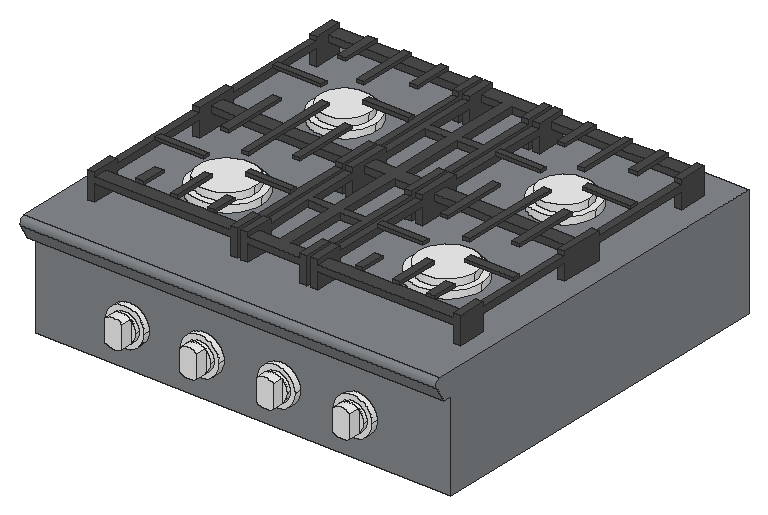
Revit family "DCS_SDA_Data_Sheet_CPV2-304_Cooktop_ISSUE1 IMPERIAL", category Specialty Equipment, Revit 2015
Parameters
  URL = "www.yepsketch.com"
  Model = "DCS_SDA_Data_Sheet_CPV2-304_Cooktop_ISSUE1"
  Manufacturer = "Fisher & Paykel"
  Description = "D20 20000"
  Author = "Yepsketch"
Reference planes (in)
  plane 1 "Center (Front/Back)": y = 0
  plane 2: z = 0
  plane 3 "Center (Left/Right)": x = 0
  plane 4: x = 29.875
  plane 5: y = 28.125
  plane 6: z = 8
  plane 7: z = 9.9375
  plane 8: y = 1.4375
Forms (in)
  Extrusion 1, solid, material "Gray"
    sketch origin (0, 0, 0) x (1, 0, 0) y (0, 1, 0)
      loop
        line (0, 28.125) -> (0, 1.4375) -> (29.875, 1.4375) -> (29.875, 28.125) -> (0, 28.125)
    from 0 to 8
  Extrusion 2, solid, material "Gray"
    sketch origin (0, 0, 0) x (0, 1, 0) y (0, 0, 1)
      loop
        line (1.4375, 8) -> (0.4375, 8)
        arc (0.4375, 8) -> (0.13322, 7.82432) -> (0.13322, 7.47297) r 0.35135
        line (0.13322, 7.47297) -> (0.75822, 6.39044) -> (1.4375, 6.39044) -> (1.4375, 8)
    from 0 to 29.875
  Extrusion 3, solid, material "Black"
    sketch origin (0, 0, 0) x (1, 0, 0) y (0, 1, 0)
      loop
        line (1.67541, 25.98078) -> (1.67541, 23.98078) -> (2.17541, 23.98078) -> (2.17541, 25.98078) -> (1.67541, 25.98078)
      loop
        line (1.67541, 16.48078) -> (1.67541, 13.48078) -> (2.17541, 13.48078) -> (2.17541, 16.48078) -> (1.67541, 16.48078)
      loop
        line (1.67541, 6.07556) -> (1.67541, 4.07556) -> (2.17541, 4.07556) -> (2.17541, 6.07556) -> (1.67541, 6.07556)
      loop
        line (11.92541, 25.98078) -> (11.92541, 23.98078) -> (12.42541, 23.98078) -> (12.42541, 25.98078) -> (11.92541, 25.98078)
      loop
        line (11.92541, 16.48078) -> (11.92541, 13.48078) -> (12.42541, 13.48078) -> (12.42541, 16.48078) -> (11.92541, 16.48078)
      loop
        line (11.92541, 6.07556) -> (11.92541, 4.07556) -> (12.42541, 4.07556) -> (12.42541, 6.07556) -> (11.92541, 6.07556)
      loop
        line (12.67541, 25.98078) -> (12.67541, 23.98078) -> (13.17541, 23.98078) -> (13.17541, 25.98078) -> (12.67541, 25.98078)
      loop
        line (12.67541, 16.48078) -> (12.67541, 13.48078) -> (13.17541, 13.48078) -> (13.17541, 16.48078) -> (12.67541, 16.48078)
      loop
        line (12.67541, 6.07556) -> (12.67541, 4.07556) -> (13.17541, 4.07556) -> (13.17541, 6.07556) -> (12.67541, 6.07556)
      loop
        line (16.92541, 25.98078) -> (16.92541, 23.98078) -> (17.42541, 23.98078) -> (17.42541, 25.98078) -> (16.92541, 25.98078)
      loop
        line (16.92541, 16.48078) -> (16.92541, 13.48078) -> (17.42541, 13.48078) -> (17.42541, 16.48078) -> (16.92541, 16.48078)
      loop
        line (16.92541, 6.07556) -> (16.92541, 4.07556) -> (17.42541, 4.07556) -> (17.42541, 6.07556) -> (16.92541, 6.07556)
      loop
        line (17.67541, 25.98078) -> (17.67541, 23.98078) -> (18.17541, 23.98078) -> (18.17541, 25.98078) -> (17.67541, 25.98078)
      loop
        line (17.67541, 16.48078) -> (17.67541, 13.48078) -> (18.17541, 13.48078) -> (18.17541, 16.48078) -> (17.67541, 16.48078)
      loop
        line (17.67541, 6.07556) -> (17.67541, 4.07556) -> (18.17541, 4.07556) -> (18.17541, 6.07556) -> (17.67541, 6.07556)
      loop
        line (27.92541, 25.98078) -> (27.92541, 23.98078) -> (28.42541, 23.98078) -> (28.42541, 25.98078) -> (27.92541, 25.98078)
      loop
        line (27.92541, 16.48078) -> (27.92541, 13.48078) -> (28.42541, 13.48078) -> (28.42541, 16.48078) -> (27.92541, 16.48078)
      loop
        line (27.92541, 6.07556) -> (27.92541, 4.07556) -> (28.42541, 4.07556) -> (28.42541, 6.07556) -> (27.92541, 6.07556)
    from 8 to 9.9375
  Extrusion 4, solid, material "Black"
    sketch origin (0, 0, 0) x (1, 0, 0) y (0, 0, 1)
      loop
        line (1.67541, 9.62139) -> (1.67541, 9.16666) -> (2.17541, 9.16666) -> (2.17541, 9.62139) -> (1.67541, 9.62139)
      loop
        line (11.92541, 9.62139) -> (11.92541, 9.16666) -> (12.42541, 9.16666) -> (12.42541, 9.62139) -> (11.92541, 9.62139)
      loop
        line (12.67541, 9.62139) -> (12.67541, 9.16666) -> (13.17541, 9.16666) -> (13.17541, 9.62139) -> (12.67541, 9.62139)
      loop
        line (16.92541, 9.62139) -> (16.92541, 9.16666) -> (17.42541, 9.16666) -> (17.42541, 9.62139) -> (16.92541, 9.62139)
      loop
        line (17.67541, 9.62139) -> (17.67541, 9.16666) -> (18.17541, 9.16666) -> (18.17541, 9.62139) -> (17.67541, 9.62139)
      loop
        line (27.92541, 9.62139) -> (27.92541, 9.16666) -> (28.42541, 9.16666) -> (28.42541, 9.62139) -> (27.92541, 9.62139)
    from -25.98078 to -4.07556
  Extrusion 5, solid, material "Black"
    sketch origin (0, 0, 0) x (1, 0, 0) y (0, 1, 0)
      loop
        line (2.17541, 25.98078) -> (2.17541, 24.98078) -> (12.42541, 24.98078) -> (12.42541, 25.98078) -> (2.17541, 25.98078)
      loop
        line (2.17541, 15.48078) -> (2.17541, 14.48078) -> (12.42541, 14.48078) -> (12.42541, 15.48078) -> (2.17541, 15.48078)
      loop
        line (2.17541, 5.07556) -> (2.17541, 4.07556) -> (12.42541, 4.07556) -> (12.42541, 5.07556) -> (2.17541, 5.07556)
    from 9.16666 to 9.62139
  Extrusion 6, solid, material "Black"
    sketch origin (10.5, 0, 0) x (1, 0, 0) y (0, 1, 0)
      loop
        line (2.17541, 25.98078) -> (2.17541, 24.98078) -> (6.92541, 24.98078) -> (6.92541, 25.98078) -> (2.17541, 25.98078)
      loop
        line (2.17541, 15.48078) -> (2.17541, 14.48078) -> (6.92541, 14.48078) -> (6.92541, 15.48078) -> (2.17541, 15.48078)
      loop
        line (2.17541, 5.07556) -> (2.17541, 4.07556) -> (6.92541, 4.07556) -> (6.92541, 5.07556) -> (2.17541, 5.07556)
    from 9.16666 to 9.62139
  Extrusion 7, solid, material "Black"
    sketch origin (30.10082, 0, 0) x (-1, 0, 0) y (0, -1, 0)
      loop
        line (2.17541, -25.98078) -> (12.42541, -25.98078) -> (12.42541, -24.98078) -> (2.17541, -24.98078) -> (2.17541, -25.98078)
      loop
        line (2.17541, -15.48078) -> (12.42541, -15.48078) -> (12.42541, -14.48078) -> (2.17541, -14.48078) -> (2.17541, -15.48078)
      loop
        line (2.17541, -5.07556) -> (12.42541, -5.07556) -> (12.42541, -4.07556) -> (2.17541, -4.07556) -> (2.17541, -5.07556)
    from 9.16666 to 9.62139
  Extrusion 8, solid, material "Black"
    sketch origin (0, 0, 0) x (1, 0, 0) y (0, 1, 0)
      loop
        line (4.2793, 25.98078) -> (4.2793, 23.23078) -> (4.89651, 23.23078) -> (4.89651, 25.98078) -> (4.2793, 25.98078)
      loop
        line (9.4681, 25.98078) -> (9.4681, 23.23078) -> (10.01209, 23.23078) -> (10.01209, 25.98078) -> (9.4681, 25.98078)
      loop
        line (11.92541, 20.52848) -> (8.67541, 20.52848) -> (8.67541, 20.02848) -> (11.92541, 20.02848) -> (11.92541, 20.52848)
      loop
        line (2.17541, 20.52848) -> (2.17541, 20.02848) -> (5.64546, 20.02848) -> (5.64546, 20.52848) -> (2.17541, 20.52848)
      loop
        line (6.85146, 25.98078) -> (6.85146, 21.73078) -> (7.35146, 21.73078) -> (7.35146, 25.98078) -> (6.85146, 25.98078)
      loop
        line (6.85146, 18.62624) -> (6.85146, 11.37634) -> (7.35146, 11.37634) -> (7.35146, 18.62624) -> (6.85146, 18.62624)
      loop
        line (9.4681, 17.37499) -> (9.4681, 12.70119) -> (10.01209, 12.70119) -> (10.01209, 17.37499) -> (9.4681, 17.37499)
      loop
        line (4.2793, 17.37499) -> (4.2793, 12.70119) -> (4.89651, 12.70119) -> (4.89651, 17.37499) -> (4.2793, 17.37499)
      loop
        line (2.17541, 9.95056) -> (2.17541, 9.47054) -> (5.64546, 9.47054) -> (5.64546, 9.95056) -> (2.17541, 9.95056)
      loop
        line (11.92541, 9.95056) -> (8.67541, 9.95056) -> (8.67541, 9.47054) -> (11.92541, 9.47054) -> (11.92541, 9.95056)
      loop
        line (4.2793, 5.07556) -> (4.89651, 5.07556) -> (4.89651, 6.81443) -> (4.2793, 6.81443) -> (4.2793, 5.07556)
      loop
        line (6.85146, 5.07556) -> (7.35146, 5.07556) -> (7.35146, 8.12649) -> (6.85146, 8.12649) -> (6.85146, 5.07556)
      loop
        line (9.4681, 5.07556) -> (10.01209, 5.07556) -> (10.01209, 6.81443) -> (9.4681, 6.81443) -> (9.4681, 5.07556)
    from 9.62139 to 9.83998
  Extrusion 9, solid, material "Black"
    sketch origin (0, 0, 0) x (1, 0, 0) y (0, 1, 0)
      loop
        line (14.67541, 24.98078) -> (14.67541, 20.52848) -> (13.17541, 20.52848) -> (13.17541, 19.98078) -> (14.67541, 19.98078) -> (14.67541, 15.48078) -> (13.17541, 15.48078) -> (13.17541, 14.48078) -> (14.67541, 14.48078) -> (14.67541, 9.98078) -> (13.17541, 9.98078) -> (13.17541, 9.48078) -> (14.67541, 9.48078) -> (14.67541, 5.07556) -> (15.42541, 5.07556) -> (15.42541, 9.48078) -> (16.92541, 9.48078) -> (16.92541, 9.98078) -> (15.42541, 9.98078) -> (15.42541, 14.48078) -> (16.92541, 14.48078) -> (16.92541, 15.48078) -> (15.42541, 15.48078) -> (15.42541, 19.98078) -> (16.92541, 19.98078) -> (16.92541, 20.52848) -> (15.42541, 20.52848) -> (15.42541, 24.98078) -> (14.67541, 24.98078)
    from 9.16666 to 9.62139
  Extrusion 10, solid, material "Black"
    sketch origin (30.10082, 0, 0) x (-1, 0, 0) y (0, -1, 0)
      loop
        line (4.2793, -25.98078) -> (4.89651, -25.98078) -> (4.89651, -23.23078) -> (4.2793, -23.23078) -> (4.2793, -25.98078)
      loop
        line (9.4681, -25.98078) -> (10.01209, -25.98078) -> (10.01209, -23.23078) -> (9.4681, -23.23078) -> (9.4681, -25.98078)
      loop
        line (11.92541, -20.52848) -> (11.92541, -20.02848) -> (8.67541, -20.02848) -> (8.67541, -20.52848) -> (11.92541, -20.52848)
      loop
        line (2.17541, -20.52848) -> (5.64546, -20.52848) -> (5.64546, -20.02848) -> (2.17541, -20.02848) -> (2.17541, -20.52848)
      loop
        line (6.85146, -25.98078) -> (7.35146, -25.98078) -> (7.35146, -21.73078) -> (6.85146, -21.73078) -> (6.85146, -25.98078)
      loop
        line (6.85146, -18.62624) -> (7.35146, -18.62624) -> (7.35146, -11.37634) -> (6.85146, -11.37634) -> (6.85146, -18.62624)
      loop
        line (9.4681, -17.37499) -> (10.01209, -17.37499) -> (10.01209, -12.70119) -> (9.4681, -12.70119) -> (9.4681, -17.37499)
      loop
        line (4.2793, -17.37499) -> (4.89651, -17.37499) -> (4.89651, -12.70119) -> (4.2793, -12.70119) -> (4.2793, -17.37499)
      loop
        line (2.17541, -9.95056) -> (5.64546, -9.95056) -> (5.64546, -9.47054) -> (2.17541, -9.47054) -> (2.17541, -9.95056)
      loop
        line (11.92541, -9.95056) -> (11.92541, -9.47054) -> (8.67541, -9.47054) -> (8.67541, -9.95056) -> (11.92541, -9.95056)
      loop
        line (4.2793, -5.07556) -> (4.2793, -6.81443) -> (4.89651, -6.81443) -> (4.89651, -5.07556) -> (4.2793, -5.07556)
      loop
        line (6.85146, -5.07556) -> (6.85146, -8.12649) -> (7.35146, -8.12649) -> (7.35146, -5.07556) -> (6.85146, -5.07556)
      loop
        line (9.4681, -5.07556) -> (9.4681, -6.81443) -> (10.01209, -6.81443) -> (10.01209, -5.07556) -> (9.4681, -5.07556)
    from 9.62139 to 9.83998
  Extrusion 11, solid, material "Aluminium"
    sketch origin (0, 0, 0) x (1, 0, 0) y (0, 1, 0)
      loop
        circle (7.16044, 20.27848) r 2.25
    from 8 to 8.5
  Extrusion 12, solid, material "Aluminium"
    sketch origin (0, 0, 0) x (1, 0, 0) y (0, 1, 0)
      loop
        circle (7.16044, 20.27848) r 1.75
    from 8.5 to 9
  Extrusion 13, solid, material "Aluminium"
    sketch origin (30.10082, 0, 0) x (-1, 0, 0) y (0, -1, 0)
      loop
        circle (7.16044, -20.27848) r 2.25
    from 8 to 8.5
  Extrusion 14, solid, material "Aluminium"
    sketch origin (30.10082, 0, 0) x (-1, 0, 0) y (0, -1, 0)
      loop
        circle (7.16044, -20.27848) r 1.75
    from 8.5 to 9
  Extrusion 15, solid, material "Aluminium"
    sketch origin (0, 0, 0) x (1, 0, 0) y (0, 1, 0)
      loop
        circle (7.16044, 9.71055) r 2.5
    from 8 to 8.5
  Extrusion 16, solid, material "Aluminium"
    sketch origin (0, 0, 0) x (1, 0, 0) y (0, 1, 0)
      loop
        circle (7.14546, 9.71055) r 2
    from 8.5 to 9
  Extrusion 17, solid, material "Aluminium"
    sketch origin (30.10082, 0, 0) x (-1, 0, 0) y (0, -1, 0)
      loop
        circle (7.16044, -9.71055) r 2.5
    from 8 to 8.5
  Extrusion 18, solid, material "Aluminium"
    sketch origin (30.10082, 0, 0) x (-1, 0, 0) y (0, -1, 0)
      loop
        circle (7.14546, -9.71055) r 2
    from 8.5 to 9
  Extrusion 19, solid, material "Aluminium"
    sketch origin (0, 0, 0) x (1, 0, 0) y (0, 0, 1)
      loop
        circle (6.77985, 2.94539) r 1.375
    from -1.4375 to -1
  Extrusion 20, solid, material "Aluminium"
    sketch origin (0, 0, 0) x (1, 0, 0) y (0, 0, 1)
      loop
        circle (6.77985, 2.94539) r 1
    from -1 to -0.75
  Extrusion 21, solid, material "Aluminium"
    sketch origin (0, 0, 0) x (1, 0, 0) y (0, 0, 1)
      loop
        line (6.17703, 3.74327) -> (6.17703, 2.14751)
        arc (6.17703, 2.14751) -> (6.77985, 1.94539) -> (7.38266, 2.14751) r 1
        line (7.38266, 2.14751) -> (7.38266, 3.74327)
        arc (7.38266, 3.74327) -> (6.77985, 3.94539) -> (6.17703, 3.74327) r 1
    from -0.75 to 0
  Extrusion 22, solid, material "Aluminium"
    sketch origin (5.38011, 0, 0) x (1, 0, 0) y (0, 0, 1)
      loop
        circle (6.77985, 2.94539) r 1.375
    from -1.4375 to -1
  Extrusion 23, solid, material "Aluminium"
    sketch origin (5.38011, 0, 0) x (1, 0, 0) y (0, 0, 1)
      loop
        circle (6.77985, 2.94539) r 1
    from -1 to -0.75
  Extrusion 24, solid, material "Aluminium"
    sketch origin (5.38011, 0, 0) x (1, 0, 0) y (0, 0, 1)
      loop
        line (6.17703, 3.74327) -> (6.17703, 2.14751)
        arc (6.17703, 2.14751) -> (6.77985, 1.94539) -> (7.38266, 2.14751) r 1
        line (7.38266, 2.14751) -> (7.38266, 3.74327)
        arc (7.38266, 3.74327) -> (6.77985, 3.94539) -> (6.17703, 3.74327) r 1
    from -0.75 to 0
  Extrusion 25, solid, material "Aluminium"
    sketch origin (10.88011, 0, 0) x (1, 0, 0) y (0, 0, 1)
      loop
        circle (6.77985, 2.94539) r 1.375
    from -1.4375 to -1
  Extrusion 26, solid, material "Aluminium"
    sketch origin (10.88011, 0, 0) x (1, 0, 0) y (0, 0, 1)
      loop
        circle (6.77985, 2.94539) r 1
    from -1 to -0.75
  Extrusion 27, solid, material "Aluminium"
    sketch origin (10.88011, 0, 0) x (1, 0, 0) y (0, 0, 1)
      loop
        line (6.17703, 3.74327) -> (6.17703, 2.14751)
        arc (6.17703, 2.14751) -> (6.77985, 1.94539) -> (7.38266, 2.14751) r 1
        line (7.38266, 2.14751) -> (7.38266, 3.74327)
        arc (7.38266, 3.74327) -> (6.77985, 3.94539) -> (6.17703, 3.74327) r 1
    from -0.75 to 0
  Extrusion 28, solid, material "Aluminium"
    sketch origin (16.38011, 0, 0) x (1, 0, 0) y (0, 0, 1)
      loop
        circle (6.77985, 2.94539) r 1.375
    from -1.4375 to -1
  Extrusion 29, solid, material "Aluminium"
    sketch origin (16.38011, 0, 0) x (1, 0, 0) y (0, 0, 1)
      loop
        circle (6.77985, 2.94539) r 1
    from -1 to -0.75
  Extrusion 30, solid, material "Aluminium"
    sketch origin (16.38011, 0, 0) x (1, 0, 0) y (0, 0, 1)
      loop
        line (6.17703, 3.74327) -> (6.17703, 2.14751)
        arc (6.17703, 2.14751) -> (6.77985, 1.94539) -> (7.38266, 2.14751) r 1
        line (7.38266, 2.14751) -> (7.38266, 3.74327)
        arc (7.38266, 3.74327) -> (6.77985, 3.94539) -> (6.17703, 3.74327) r 1
    from -0.75 to 0
  Revolve 31, solid, material "Aluminium"
    sketch origin (0, 26.625, 0) x (1, 0, 0) y (0, 0, 1)
      loop
        line (10.55714, 0) -> (10.55714, -3) -> (10.80714, -3) -> (10.80714, -0.75) -> (11.05714, -0.75) -> (11.05714, 0) -> (10.55714, 0)
      axis (10.55714, 0) -> (10.55714, -3)
    angle from 0 to 360
  Revolve 32, solid, material "Aluminium"
    sketch origin (0, 26.625, 0) x (1, 0, 0) y (0, 0, 1)
      loop
        line (2.63695, 0) -> (2.63695, -4.8554) -> (3.36593, -4.8554) -> (3.36593, -1.1054) -> (3.02564, -1.1054) -> (3.02564, 0) -> (2.63695, 0)
      axis (2.63695, 0) -> (2.63695, -4.8554)
    angle from 0 to 360
  Extrusion 33, solid, material "Aluminium"
    sketch origin (0, 26.625, 0) x (1, 0, 0) y (0, 0, 1)
      loop
        line (1.21874, -1.62236) -> (1.21874, -4.62236) -> (3.96874, -4.62236) -> (3.96874, -1.62236) -> (1.21874, -1.62236)
    from -0.78019 to 0.75
  Extrusion 34, solid, material "Aluminium"
    sketch origin (0, 26.625, 0) x (1, 0, 0) y (0, 0, 1)
      loop
        circle (2.59374, -3.12236) r 1.13228
    from 0 to 1.25
  Extrusion 35, solid, material "Aluminium"
    sketch origin (0, 26.625, 0) x (1, 0, 0) y (0, 0, 1)
      loop
        circle (2.59374, -3.12236) r 1
    from 0 to 1.47365
  Extrusion 36, solid, material "Aluminium"
    sketch origin (0, 26.625, 0) x (1, 0, 0) y (0, 0, 1)
      loop
        circle (2.59374, -3.12236) r 0.41117
    from 0 to 1.69594
Cuts and joins
  joined: Extrusion 1, Extrusion 2
  joined: Extrusion 11, Extrusion 12, Extrusion 13, Extrusion 14, Extrusion 15, Extrusion 16, Extrusion 17, Extrusion 18
  joined: Extrusion 3, Extrusion 4, Extrusion 5, Extrusion 6, Extrusion 7, Extrusion 8, Extrusion 9, Extrusion 10
  joined: Extrusion 19, Extrusion 20, Extrusion 21, Extrusion 22, Extrusion 23, Extrusion 24, Extrusion 25, Extrusion 26, Extrusion 27, Extrusion 28, Extrusion 29, Extrusion 30
Dimensions and locks (in)
  aligned and locked: level to plane 2
